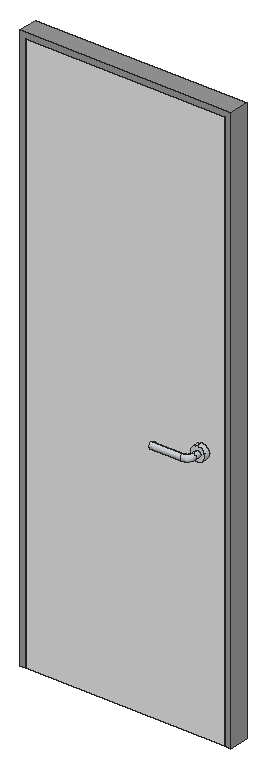
Revit family "- Alba", category Doors, host Wall, Revit 2018
Family settings
  Host = Wall
  OmniClass Number = 23.30.10.00
  OmniClass Title = Doors
  Always vertical = Yes
  Cut with Voids When Loaded = No
  Shared = No
  Room Calculation Point = No
Parameters (values of type "- 70 x 200 cm")
  Set de Marcos = ""
  Relleno = ""
  Material Marco = - Perfil Aluminio
  Material Hoja = - HDF Prefinish
  Manilla = - Manilla
  Hojas = "Simple de Abatir"
  Function = Interior
  Frame Projection Ext. = 2.50 cm
  Frame Projection Int. = 2.50 cm
  Frame Width = 7.50 cm
  Height = 200.00 cm
  Wall Closure = By host
  Width = 74.00 cm
  Distancia a Cara Interior = 6.00 cm
  Bisagras = ""
  Ancho Hoja = Width - 4.00 cm  # 70.00 cm
  Ancho = Width  # 74.00 cm
  Analytic Construction = "<None>"
  Alto = Height  # 200.00 cm
Types (12, lengths in cm): name | Material Hoja | Height | Width | Ancho Hoja | Ancho | Alto
  - 70 x 200 cm | - HDF Prefinish | 200.00 | 74.00 | 70.00 | 74.00 | 200.00
  - 75 x 200 cm | none | 200.00 | 79.00 | 75.00 | 79.00 | 200.00
  - 80 x 200 cm | none | 200.00 | 84.00 | 80.00 | 84.00 | 200.00
  - 85 x 200 cm | none | 200.00 | 89.00 | 85.00 | 89.00 | 200.00
  - 90 x 200 cm | none | 200.00 | 94.00 | 90.00 | 94.00 | 200.00
  -100 x 200 cm | none | 200.00 | 104.00 | 100.00 | 104.00 | 200.00
  - 70 x 210 cm | none | 210.00 | 74.00 | 70.00 | 74.00 | 210.00
  - 75 x 210 cm | none | 210.00 | 79.00 | 75.00 | 79.00 | 210.00
  - 80 x 210 cm | none | 210.00 | 84.00 | 80.00 | 84.00 | 210.00
  - 85 x 210 cm | none | 210.00 | 89.00 | 85.00 | 89.00 | 210.00
  - 90 x 210 cm | - HDF Prefinish | 210.00 | 94.00 | 90.00 | 94.00 | 210.00
  - 100 x 210 cm | none | 210.00 | 104.00 | 100.00 | 104.00 | 210.00
Reference planes (cm)
  plane 1: y = 0
  plane 2 "Center (Left/Right)": x = 0
  plane 3 "Left": x = -37
  plane 4 "Right": x = 37
  plane 5: z = 200
  plane 6 "Exterior": y = 7.5
  plane 7 "Interior": y = -7.5
  plane 8: y = -1.5
  plane 9: z = 198
  plane 10: x = -35
  plane 11: x = 35
Forms (cm)
  Sweep 1, solid, material "- Perfil Aluminio" <- "Material Marco"
    path origin (0, 7.5, 0) x (1, 0, 0) y (0, 0, 1)
      loop
        line (37, 0) -> (37, 200) -> (-37, 200) -> (-37, 0)
    profile origin (37, 7.5, 100) x (-1, 0, 0) y (0, -1, 0)
      loop
        line (0, 2) -> (3, 2) -> (3, 4.3) -> (2, 4.3) -> (2, 9) -> (0, 9) -> (0, 2)
  Extrusion 2, solid, material "- HDF Prefinish" <- "Material Hoja"
    sketch origin (0, 0, 0) x (1, 0, 0) y (0, 1, 0)
      loop
        line (-35, -1.5) -> (35, -1.5) -> (35, 3) -> (-35, 3) -> (-35, -1.5)
    from 0 to 198
  Sweep 3, solid, material "- Manilla" <- "Manilla", not visible
    path origin (5.8483, -7.5601, 0) x (1, 0, 0) y (0, 1, 0)
      loop
        line (22.1517, 15.0613) -> (32.1517, 15.0613)
        arc (32.1517, 15.0613) -> (33.5659, 14.4756) -> (34.1517, 13.0613) r 2
        line (34.1517, 13.0613) -> (34.1517, 11.0613)
    profile origin (33, 7.5012, 0) x (0, 1, 0) y (0, 0, 1)
      loop
        circle (0, 90) r 1
  Extrusion 4, solid, material "- Manilla" <- "Manilla", not visible
    sketch origin (0, 7.5, 0) x (1, 0, 0) y (0, 0, 1)
      loop
        circle (40, 90) r 2.5
    from 3.9988 to 5
Lines and regions (cm)
  Opening 1
    outline origin (-305, -7.5, 0) x (1, 0, 0) y (0, 0, 1)
      loop
        line (268, 0) -> (342, 0) -> (342, 200) -> (268, 200) -> (268, 0)
  symbolic lines, style "Elevation Swing"
    curve 1: line (37, -7.5, 100) -> (-37, -7.5, 200)
    curve 2: line (37, -7.5, 100) -> (-37, -7.5, 0)
    curve 7: arc (-30.5, -71.5, 0) -> (16.4246, -49.6941, 0) -> (35.2596, -1.5001, 0) r 69.4706
  symbolic lines
    curve 3: line (-35, -1.5, 0) -> (-35, -71.5, 0)
    curve 4: line (-30.5, -1.5, 0) -> (-35, -1.5, 0)
    curve 5: line (-30.5, -71.5, 0) -> (-30.5, -1.5, 0)
    curve 6: line (-35, -71.5, 0) -> (-30.5, -71.5, 0)
  model lines
    curve 8: line (-22, -1.5, 198) -> (-22, -1.5, 0)
    curve 9: line (22, -1.5, 198) -> (22, -1.5, 0)
    curve 10: line (-22, 3, 198) -> (-22, 3, 0)
    curve 11: line (22, 3, 198) -> (22, 3, 0)
Text (cm)
  text "Exterior" at (-229.5016, 109.9543, 0), in view "Ref. Level"
  text "Exterior" at (0, 161.538, 369.8081), in view "Left"
  text "Exterior" at (0, 103.6032, 387.4932), in view "Right"
Dimensions and locks (cm)
  equal spacing: plane 3 "Left", plane 2 "Center (Left/Right)", plane 4 "Right"
  "Width": plane 3 "Left" to plane 4 "Right"
  "Height": plane 5 to host wall
  equal spacing: host wall, curve 2, plane 5
  host wall to plane 5 = 200.00 cm
  locked: plane 6 "Exterior" to host wall at 0
  locked: plane 7 "Interior" to host wall
  "Distancia a Cara Interior": plane 7 "Interior" to plane 8
  locked: Sweep 1 sketch curve to Sweep 1 sketch curve at 7
  locked: plane 9 to plane 5 at 2
  locked: curve 3 to curve 5 at 4.5
  locked: plane 3 "Left" to plane 10 at 2
  locked: plane 11 to plane 4 "Right" at 2
  "Ancho Hoja": curve 6 to curve 4
  locked: Extrusion 2 sketch curve to Extrusion 2 sketch curve at 4.5
  locked: nested 1 to plane 4 "Right" at 10
  level to nested 1 = 90.00 cm
  locked: nested 2 to plane 4 "Right" at 10
  locked: nested 2 to level at 90
  locked: Sweep 1 sketch curve to Sweep 1 sketch curve at 2.3
  locked: plane 3 "Left" to curve 8 at 15
  locked: curve 9 to Sweep 1 at 15
  locked: plane 3 "Left" to curve 10 at 15
  locked: curve 11 to plane 4 "Right" at 15
  aligned and locked: plane 3 "Left" to Opening 1 sketch curve
  aligned and locked: plane 5 to Opening 1 sketch curve  (x2)
  aligned and locked: Opening 1 sketch curve to plane 4 "Right"
  aligned and locked: Opening 1 sketch curve to level
  aligned and locked: plane 5 to curve 1
  aligned and locked: plane 3 "Left" to curve 2
  aligned and locked: plane 1 to host wall
  aligned and locked: plane 3 "Left" to curve 1
  aligned and locked: plane 8 to Sweep 1 sketch curve
  aligned and locked: Extrusion 2 sketch curve to plane 8
  aligned and locked: Sweep 1 to level
  aligned and locked: plane 10 to curve 3
  aligned and locked: Sweep 3 to Extrusion 4
  aligned and locked: Extrusion 2 to plane 9
Automatic sketch dimensions
  plane 4 "Right" to curve 2 = 0.00 cm
  curve 2 to level = 0.00 cm
  plane 3 "Left" to Sweep 1 sketch curve = 0.00 cm
  plane 4 "Right" to Sweep 1 sketch curve = 0.00 cm
  Sweep 1 sketch curve to level = 0.00 cm  (x2)
  Sweep 1 sketch curve to plane 5 = 0.00 cm
  Sweep 1 sketch curve to profile plane = 0.00 cm
  Sweep 1 sketch curve to profile plane = 2.00 cm
  Sweep 1 sketch curve to Sweep 1 sketch curve = 1.00 cm
  curve 7 to plane 8 = 0.0001 cm
  curve 7 to plane 11 = 0.2596 cm
  curve 4 to plane 8 = 0.00 cm
  curve 7 to plane 10 = 0.7919 cm
  Sweep 3 sketch curve to Sweep 3 sketch curve = 10.00 cm
  Sweep 3 sketch curve to Sweep 3 sketch curve = 2.00 cm  (x2)
  Sweep 3 sketch curve to profile plane = 0.00 cm
  profile plane to Sweep 3 sketch curve = 90.00 cm
  Extrusion 2 sketch curve to plane 10 = 0.00 cm
  Extrusion 2 sketch curve to plane 11 = 0.00 cm
  curve 8 to Extrusion 2 = 0.00 cm  (x2)
  curve 9 to Extrusion 2 = 0.00 cm  (x2)
  curve 10 to Extrusion 2 = 0.00 cm  (x2)
  curve 11 to Extrusion 2 = 0.00 cm  (x2)
  radius of Sweep 3 sketch curve = 1.00 cm
  radius of Extrusion 4 sketch curve = 2.50 cm
Nested families (cm)
  nested 1: "- Manilla Generica Puerta" at (27, 3, 90) x (0, 0, -1) z (0, 1, 0), type "- Manilla Generica Puerta"
  nested 2: "- Manilla Generica Puerta" at (27, -1.5, 90) x (0, 0, -1) z (0, -1, 0), type "- Manilla Generica Puerta"
Definition of nested family "- Manilla Generica Puerta"
  Parameters (values of type "- Manilla Generica Puerta")
    Manilla = none
    Default Elevation = 121.92 cm
  Reference planes (cm)
    plane 1 "Center (Front/Back)": y = 0
    plane 2: z = 0
    plane 3 "Center (Left/Right)": x = 0
    plane 4: z = 2
  Forms (cm)
    Extrusion 1, solid
      sketch origin (0, 0, 0) x (1, 0, 0) y (0, 1, 0)
        loop
          line (-121.92, 121.92) -> (-121.92, -121.92) -> (121.92, -121.92) -> (121.92, 121.92) -> (-121.92, 121.92)
      from 0 to -30.48
    Extrusion 2, solid, material <- "Manilla"
      sketch origin (0, 0, 0) x (1, 0, 0) y (0, 1, 0)
        loop
          circle (0, 0) r 2.5
      from 0 to 2
    Sweep 3, solid, material <- "Manilla"
      path origin (0, 0, 0) x (0, 1, 0) y (0, 0, 1)
        loop
          line (0, 2) -> (0, 4)
          arc (0, 4) -> (0.5858, 5.4142) -> (2, 6) r 2
          line (2, 6) -> (13, 6)
      profile origin (0, 0, 3) x (0, -1, 0) y (1, 0, 0)
        loop
          circle (0, 0) r 1
  Dimensions and locks (cm)
    locked: Extrusion 2 to Extrusion 2 at 2
    locked: plane 4 to level at 2
    aligned and locked: plane 2 to Extrusion 1
    aligned and locked: level to Extrusion 1
    aligned and locked: plane 4 to Sweep 3
